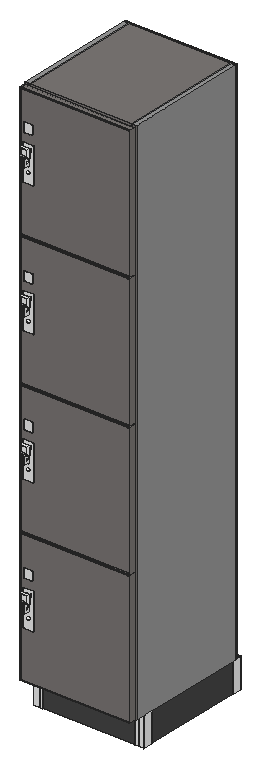
Revit family "Wood_Lockers_Hasps-Salsbury_Industries-15_44000_Series-1_Wide_Units.rfa", category Specialty Equipment, Revit 2016 (continued)
Definition of nested family "Wood Locker Side Panels-No Slope"
  Forms (in)
    Extrusion 2, solid, material <- "Laminate Surface", visible <- "Visible"
      sketch origin (0, -0.375, 0) x (1, 0, 0) y (0, 0, 1)
        loop
          line (-11.8125, 72) -> (-11.8125, 0) -> (11.8125, 0) -> (11.8125, 72) -> (-11.8125, 72)
      from -0.031 to 0
    Extrusion 3, solid, material <- "Laminate Surface", visible <- "Visible"
      sketch origin (0, 0, 0) x (1, 0, 0) y (0, 0, 1)
        loop
          line (-11.8125, 0) -> (11.8125, 0) -> (11.8125, 72) -> (-11.8125, 72) -> (-11.8125, 0)
        loop
          line (-11.7815, 0.031) -> (11.7815, 0.031) -> (11.7815, 71.969) -> (-11.7815, 71.969) -> (-11.7815, 0.031)
      from -0.375 to 0.344
  Dimensions and locks (in)
    equal spacing: plane 6 "Left Side", plane 3 "Center (Left/Right)", plane 7 "Right Side"
    plane 5 "Front" to plane 1 "Center (Front/Back)" to plane 4 "Back" = 0.375", 0.375"
    "Width": plane 6 "Left Side" to plane 7 "Right Side"
    "Depth": plane 5 "Front" to plane 4 "Back"
    equal spacing: plane 9 "Top", plane 10 "Center Elevation", plane 8 "Bottom"
    "Height": plane 9 "Top" to plane 8 "Bottom"
    locked: plane 5 "Front" to plane 11 "Wood - Laminate Edge" at 0.031
    locked: plane 15 "Bottom of Wood" to plane 8 "Bottom" at 0.031
    locked: plane 12 "Right Side of Wood" to plane 7 "Right Side" at 0.031
    locked: plane 6 "Left Side" to plane 13 "Left Side of Wood" at 0.031
    locked: plane 9 "Top" to plane 14 "Top of Wood" at 0.031
    aligned and locked: level to plane 2
    aligned and locked: Extrusion 2 sketch curve to plane 7 "Right Side"
    aligned and locked: plane 8 "Bottom" to Extrusion 2 sketch curve
    aligned and locked: plane 6 "Left Side" to Extrusion 2 sketch curve
    aligned and locked: plane 9 "Top" to Extrusion 2 sketch curve
    aligned and locked: Extrusion 3 to plane 4 "Back"
    aligned and locked: plane 11 "Wood - Laminate Edge" to Extrusion 3
  Automatic sketch dimensions
    plane 13 "Left Side of Wood" to Extrusion 1 sketch curve = 0.000"
    plane 12 "Right Side of Wood" to Extrusion 1 sketch curve = 0.000"
    Extrusion 1 sketch curve to plane 15 "Bottom of Wood" = 0.000"
    Extrusion 1 sketch curve to plane 14 "Top of Wood" = 0.000"
    plane 13 "Left Side of Wood" to Extrusion 3 sketch curve = 0.000"
    Extrusion 3 sketch curve to level = 0.000"
    plane 13 "Left Side of Wood" to Extrusion 3 sketch curve = 0.031"
    plane 12 "Right Side of Wood" to Extrusion 3 sketch curve = 0.000"
    plane 7 "Right Side" to Extrusion 3 sketch curve = 0.000"
    Extrusion 3 sketch curve to plane 15 "Bottom of Wood" = 0.000"
    Extrusion 3 sketch curve to plane 14 "Top of Wood" = 0.000"
    Extrusion 3 sketch curve to plane 9 "Top" = 0.000"
Definition of nested family "Wood Locker Side Panels-With Slope"
  Parameters (values of type "44238 - 6' H for 24" D Lockers")
    Width = 23.625"
    Visible = yes
    Version = "1.0 (12/15/23)"
    Type Comments = "Side Panel for Premier Wood Lockers with Sloping Hood"
    Slope Height = 8.608"
    Model = "44238"
    Manufacturer = "Salsbury Industries"
    Laminate Surface = none
    Height = 72.153"
    Door Trim = none
    Description = "6' H for 24\" D Lockers"
    Depth = 0.750"
  Types (6): name | Width | Visible | Version | Type Comments | Slope Height | Model | Manufacturer | Height | Description
    (no name) | 23.625" | yes | "1.0 (12/15/23)" | "Side Panel for Premier Wood Lockers with Sloping Hood" | 8.608" | "44238" | "Salsbury Industries" | 72.153" | "6' H for 24\" D Lockers"
    44334 - 6' H  for 18" D Lockers | 17.625" | yes | "1.0 (12/15/23)" | "Side Panel for Premier Wood Lockers with Sloping Hood" | 6.806" | "44334" | "Salsbury Industries" | 72.062" | "6' H for 18\" D Lockers"
    44336 - 6' H for 21" D Lockers | 20.625" | yes | "1.0 (12/15/23)" | "Side Panel for Premier Wood Lockers with Sloping Hood" | 7.931" | "44336" | "Salsbury Industries" | 72.062" | "6' H for 21\" D Lockers"
    None | 14.625" | no | "" | "" | 5.681" | "" | "" | 72.062" | ""
    44339 - 6' H for 15" D Lockers | 14.625" | yes | "1.0 (12/15/23)" | "Side Panel for Premier Wood Lockers with Sloping Hood" | 5.681" | "44339" | "Salsbury Industries" | 72.062" | "6' H for 15\" D Lockers"
    44238 - 6' H for 24" D Lockers | 23.625" | yes | "1.0 (12/15/23)" | "Side Panel for Premier Wood Lockers with Sloping Hood" | 8.608" | "44238" | "Salsbury Industries" | 72.153" | "6' H for 24\" D Lockers"
  Reference planes (in)
    plane 1 "Center (Front/Back)": y = 0
    plane 2: z = 0
    plane 3 "Center (Left/Right)": x = 0
    plane 4 "Back": y = 0.375
    plane 5 "Front": y = -0.375
    plane 6 "Left Side": x = -11.8125
    plane 7 "Right Side": x = 11.8125
    plane 8 "Bottom": z = 0
    plane 9 "Top": z = 72.153
    plane 10 "Center Elevation": z = 36.0765
    plane 11 "Wood - Laminate Edge": y = -0.344
    plane 12 "Right Side of Wood": x = 11.7815
    plane 13 "Left Side of Wood": x = -11.7815
    plane 14 "Top of Wood": z = 72.028
    plane 15 "Bottom of Wood": z = 0.031
    plane 16: z = 80.761
    plane 17: z = 80.636
  Forms (in)
    Extrusion 1, solid, visible <- "Visible"
      sketch origin (0, 0.375, 0) x (1, 0, 0) y (0, 0, 1)
        loop
          line (-11.8125, 80.73) -> (-11.8125, 0) -> (11.7815, 0) -> (11.7815, 72.13387) -> (-11.8125, 80.73)
      from 0 to 0.719
    Extrusion 2, solid, material <- "Laminate Surface", visible <- "Visible"
      sketch origin (0, -0.375, 0) x (1, 0, 0) y (0, 0, 1)
        loop
          line (-11.8125, 0) -> (11.8125, 0) -> (11.8125, 72.153) -> (-11.8125, 80.761) -> (-11.8125, 0)
      from -0.031 to 0
    Extrusion 3, solid, material <- "Laminate Surface", visible <- "Visible"
      sketch origin (0, -0.375, 0) x (1, 0, 0) y (0, 0, 1)
        loop
          line (11.8125, 0) -> (11.8125, 72.153) -> (-11.8125, 80.761) -> (-11.8125, 80.73) -> (11.7815, 72.13387) -> (11.7815, 0) -> (11.8125, 0)
      from -0.031 to -0.75
  Dimensions and locks (in)
    equal spacing: plane 6 "Left Side", plane 3 "Center (Left/Right)", plane 7 "Right Side"
    plane 5 "Front" to plane 1 "Center (Front/Back)" to plane 4 "Back" = 0.375", 0.375"
    "Width": plane 6 "Left Side" to plane 7 "Right Side"
    "Depth": plane 5 "Front" to plane 4 "Back"
    equal spacing: plane 9 "Top", plane 10 "Center Elevation", plane 8 "Bottom"
    "Height": plane 9 "Top" to plane 8 "Bottom"
    locked: plane 5 "Front" to plane 11 "Wood - Laminate Edge" at 0.031
    locked: plane 15 "Bottom of Wood" to plane 8 "Bottom" at 0.031
    locked: plane 12 "Right Side of Wood" to plane 7 "Right Side" at 0.031
    locked: plane 6 "Left Side" to plane 13 "Left Side of Wood" at 0.031
    locked: plane 9 "Top" to plane 14 "Top of Wood" at 0.125
    "Slope Height": plane 16 to plane 9 "Top"
    locked: plane 16 to plane 17 at 0.125
    aligned and locked: level to plane 2
    aligned and locked: Extrusion 3 to plane 4 "Back"
    aligned and locked: plane 11 "Wood - Laminate Edge" to Extrusion 3
  Automatic sketch dimensions
    plane 6 "Left Side" to Extrusion 2 sketch curve = 0.000"
    plane 7 "Right Side" to Extrusion 2 sketch curve = 0.000"
    Extrusion 2 sketch curve to level = 0.000"
    Extrusion 2 sketch curve to plane 9 "Top" = 0.000"
    Extrusion 2 sketch curve to plane 16 = 0.000"
    Extrusion 1 sketch curve to level = 0.000"
    plane 6 "Left Side" to Extrusion 1 sketch curve = 0.000"
    plane 12 "Right Side of Wood" to Extrusion 1 sketch curve = 0.000"
    plane 9 "Top" to Extrusion 1 sketch curve = 0.01913"
    plane 6 "Left Side" to Extrusion 3 sketch curve = 0.000"
    plane 12 "Right Side of Wood" to Extrusion 3 sketch curve = 0.000"
    plane 7 "Right Side" to Extrusion 3 sketch curve = 0.000"
    Extrusion 3 sketch curve to level = 0.000"
    Extrusion 3 sketch curve to plane 9 "Top" = 0.000"
    Extrusion 3 sketch curve to plane 16 = 0.000"
    plane 9 "Top" to Extrusion 3 sketch curve = 0.01913"
    plane 16 to Extrusion 3 sketch curve = 0.031"
    plane 16 to Extrusion 1 sketch curve = 0.031"
Definition of nested family "Wood Locker Double Side Panels-No Slope"
  Parameters (values of type "44237DE - 6' H for 24"D Lockers")
    Width = 47.250"
    Visible = yes
    Version = "1.0 (12/15/23)"
    Type Comments = "Double End Panel for Premier Wood Lockers"
    Model = "44237DE"
    Manufacturer = "Salsbury Industries"
    Laminate Surface = none
    Height = 72.000"
    Door Trim = none
    Description = "For 6' H x 21\" D without Sloping Hood"
    Depth = 0.750"
  Types (6): name | Width | Visible | Version | Type Comments | Model | Manufacturer | Description
    (no name) | 47.250" | yes | "1.0 (12/15/23)" | "Double End Panel for Premier Wood Lockers" | "44237DE" | "Salsbury Industries" | "For 6' H x 21\" D without Sloping Hood"
    44330DE - 6' H for 15"D Lockers | 29.250" | yes | "1.0 (12/15/23)" | "Double End Panel for Premier Wood Lockers" | "44330DE" | "Salsbury Industries" | "For 6' H x 15\" D without Sloping Hood"
    44333DE - 6' H for 18" D Lockers | 35.250" | yes | "1.0 (12/15/23)" | "Double End Panel for Premier Wood Lockers" | "44333DE" | "Salsbury Industries" | "For 6' H x 18\" D without Sloping Hood"
    44335DE - 6' H for 21" D Lockers | 41.250" | yes | "1.0 (12/15/23)" | "Double End Panel for Premier Wood Lockers" | "44335DE" | "Salsbury Industries" | "For 6' H x 21\" D without Sloping Hood"
    None | 14.000" | no | "" | "" | "" | "" | ""
    44237DE - 6' H for 24"D Lockers | 47.250" | yes | "1.0 (12/15/23)" | "Double End Panel for Premier Wood Lockers" | "44237DE" | "Salsbury Industries" | "For 6' H x 21\" D without Sloping Hood"
  Reference planes (in)
    plane 1 "Center (Front/Back)": y = 0
    plane 2: z = 0
    plane 3 "Center (Left/Right)": x = 0
    plane 4 "Back": y = 0.375
    plane 5 "Front": y = -0.375
    plane 6 "Left Side": x = -23.625
    plane 7 "Right Side": x = 23.625
    plane 8 "Bottom": z = 0
    plane 9 "Top": z = 72
    plane 10 "Center Elevation": z = 36
    plane 11 "Wood - Laminate Edge": y = -0.344
    plane 12 "Right Side of Wood": x = 23.594
    plane 13 "Left Side of Wood": x = -23.594
    plane 14 "Top of Wood": z = 71.969
    plane 15 "Bottom of Wood": z = 0.031
  Forms (in)
    Extrusion 1, solid, visible <- "Visible"
      sketch origin (0, 0.375, 0) x (1, 0, 0) y (0, 0, 1)
        loop
          line (23.594, 71.969) -> (-23.594, 71.969) -> (-23.594, 0.031) -> (23.594, 0.031) -> (23.594, 71.969)
      from 0 to 0.719
    Extrusion 2, solid, material <- "Laminate Surface", visible <- "Visible"
      sketch origin (0, -0.375, 0) x (1, 0, 0) y (0, 0, 1)
        loop
          line (-23.625, 72) -> (-23.625, 0) -> (23.625, 0) -> (23.625, 72) -> (-23.625, 72)
      from -0.031 to 0
    Extrusion 3, solid, material <- "Laminate Surface", visible <- "Visible"
      sketch origin (0, 0, 0) x (1, 0, 0) y (0, 0, 1)
        loop
          line (-23.625, 0) -> (23.625, 0) -> (23.625, 72) -> (-23.625, 72) -> (-23.625, 0)
        loop
          line (23.594, 71.969) -> (-23.594, 71.969) -> (-23.594, 0.031) -> (23.594, 0.031) -> (23.594, 71.969)
      from -0.375 to 0.344
  Dimensions and locks (in)
    equal spacing: plane 6 "Left Side", plane 3 "Center (Left/Right)", plane 7 "Right Side"
    plane 5 "Front" to plane 1 "Center (Front/Back)" to plane 4 "Back" = 0.375", 0.375"
    "Width": plane 6 "Left Side" to plane 7 "Right Side"
    "Depth": plane 5 "Front" to plane 4 "Back"
    equal spacing: plane 9 "Top", plane 10 "Center Elevation", plane 8 "Bottom"
    "Height": plane 9 "Top" to plane 8 "Bottom"
    locked: plane 5 "Front" to plane 11 "Wood - Laminate Edge" at 0.031
    locked: plane 15 "Bottom of Wood" to plane 8 "Bottom" at 0.031
    plane 12 "Right Side of Wood" to plane 7 "Right Side" = 0.031"
    locked: plane 6 "Left Side" to plane 13 "Left Side of Wood" at 0.031
    locked: plane 9 "Top" to plane 14 "Top of Wood" at 0.031
    aligned and locked: level to plane 2
    aligned and locked: Extrusion 2 sketch curve to plane 8 "Bottom"
    aligned and locked: plane 6 "Left Side" to Extrusion 2 sketch curve
    aligned and locked: Extrusion 2 sketch curve to plane 7 "Right Side"
    aligned and locked: Extrusion 2 sketch curve to plane 9 "Top"
    aligned and locked: Extrusion 3 to plane 4 "Back"
    aligned and locked: plane 11 "Wood - Laminate Edge" to Extrusion 3
  Automatic sketch dimensions
    plane 13 "Left Side of Wood" to Extrusion 1 sketch curve = 0.000"
    plane 12 "Right Side of Wood" to Extrusion 1 sketch curve = 0.000"
    Extrusion 1 sketch curve to plane 15 "Bottom of Wood" = 0.000"
    Extrusion 1 sketch curve to plane 14 "Top of Wood" = 0.000"
    Extrusion 3 sketch curve to level = 0.000"
    plane 6 "Left Side" to Extrusion 3 sketch curve = 0.000"
    plane 7 "Right Side" to Extrusion 3 sketch curve = 0.000"
    Extrusion 3 sketch curve to plane 9 "Top" = 0.000"
    plane 13 "Left Side of Wood" to Extrusion 3 sketch curve = 0.000"
    Extrusion 3 sketch curve to plane 15 "Bottom of Wood" = 0.000"
    Extrusion 3 sketch curve to plane 14 "Top of Wood" = 0.000"
    plane 12 "Right Side of Wood" to Extrusion 3 sketch curve = 0.000"
Definition of nested family "Wood Locker Double Side Panels-With Slope"
  Parameters (values of type "44238DE - 6' H for 24"D Lockers")
    Width = 47.250"
    Visible = yes
    Version = "1.0 (12/15/23)"
    Type Comments = "Double End Panel for Premier Wood Lockers"
    Slope Height = 8.895"
    Model = "442386DE"
    Manufacturer = "Salsbury Industries"
    Laminate Surface = none
    Height = 72.153"
    Door Trim = none
    Description = "For 6' H x 21\" D Lockers with Sloping Hood"
    Depth = 0.750"
  Types (6): name | Width | Visible | Version | Type Comments | Slope Height | Model | Manufacturer | Height | Description
    (no name) | 47.250" | yes | "1.0 (12/15/23)" | "Double End Panel for Premier Wood Lockers" | 8.895" | "442386DE" | "Salsbury Industries" | 72.153" | "For 6' H x 21\" D Lockers with Sloping Hood"
    44339DE - 6' H for 15"D Lockers | 29.250" | yes | "1.0 (12/15/23)" | "Double End Panel for Premier Wood Lockers" | 5.681" | "44339DE" | "Salsbury Industries" | 72.062" | "For 6' H x 15\" D Lockers with Sloping Hood"
    44334DE - 6' H  for 18" D Lockers | 35.250" | yes | "1.0 (12/15/23)" | "Double End Panel for Premier Wood Lockers" | 6.806" | "44334DE" | "Salsbury Industries" | 72.062" | "For 6' H x 18\" D Lockers with Sloping Hood"
    44336DE - 6' H for 21" D Lockers | 41.250" | yes | "1.0 (12/15/23)" | "Double End Panel for Premier Wood Lockers" | 7.931" | "44336DE" | "Salsbury Industries" | 72.062" | "For 6' H x 21\" D Lockers with Sloping Hood"
    None | 14.000" | no | "" | "" | 5.500" | "" | "" | 72.000" | ""
    44238DE - 6' H for 24"D Lockers | 47.250" | yes | "1.0 (12/15/23)" | "Double End Panel for Premier Wood Lockers" | 8.895" | "442386DE" | "Salsbury Industries" | 72.153" | "For 6' H x 21\" D Lockers with Sloping Hood"
  Reference planes (in)
    plane 1 "Center (Front/Back)": y = 0
    plane 2: z = 0
    plane 3 "Center (Left/Right)": x = 0
    plane 4 "Back": y = 0.375
    plane 5 "Front": y = -0.375
    plane 6 "Left Side": x = -23.625
    plane 7 "Right Side": x = 23.625
    plane 8 "Bottom": z = 0
    plane 9 "Top": z = 72.153
    plane 10 "Center Elevation": z = 36.0765
    plane 11 "Wood - Laminate Edge": y = -0.344
    plane 12 "Right Side of Wood": x = 23.594
    plane 13 "Left Side of Wood": x = -23.594
    plane 14 "Top of Wood": z = 72.028
    plane 15 "Bottom of Wood": z = 0.125
    plane 16: z = 81.048
    plane 17: z = 81.017
  Forms (in)
    Extrusion 1, solid, visible <- "Visible"
      sketch origin (0, 0.375, 0) x (1, 0, 0) y (0, 0, 1)
        loop
          line (23.594, 72.122) -> (0, 81.017) -> (-23.594, 72.122) -> (-23.594, 0) -> (23.594, 0) -> (23.594, 72.122)
      from 0 to 0.719
    Extrusion 2, solid, material <- "Laminate Surface", visible <- "Visible"
      sketch origin (0, -0.375, 0) x (1, 0, 0) y (0, 0, 1)
        loop
          line (23.625, 0) -> (23.625, 72.153) -> (0, 81.048) -> (-23.625, 72.153) -> (-23.625, 0) -> (23.625, 0)
      from -0.031 to 0
    Extrusion 3, solid, material <- "Laminate Surface", visible <- "Visible"
      sketch origin (0, 0.375, 0) x (1, 0, 0) y (0, 0, 1)
        loop
          line (23.625, 0) -> (23.625, 72.153) -> (0, 81.048) -> (-23.625, 72.153) -> (-23.625, 0) -> (-23.594, 0) -> (-23.594, 72.122) -> (0, 81.017) -> (23.594, 72.122) -> (23.594, 0) -> (23.625, 0)
      from 0 to 0.719
  Dimensions and locks (in)
    equal spacing: plane 6 "Left Side", plane 3 "Center (Left/Right)", plane 7 "Right Side"
    plane 5 "Front" to plane 1 "Center (Front/Back)" to plane 4 "Back" = 0.375", 0.375"
    "Width": plane 6 "Left Side" to plane 7 "Right Side"
    "Depth": plane 5 "Front" to plane 4 "Back"
    equal spacing: plane 9 "Top", plane 10 "Center Elevation", plane 8 "Bottom"
    "Height": plane 9 "Top" to plane 8 "Bottom"
    locked: plane 5 "Front" to plane 11 "Wood - Laminate Edge" at 0.031
    locked: plane 15 "Bottom of Wood" to plane 8 "Bottom" at 0.125
    locked: plane 12 "Right Side of Wood" to plane 7 "Right Side" at 0.031
    locked: plane 6 "Left Side" to plane 13 "Left Side of Wood" at 0.031
    locked: plane 9 "Top" to plane 14 "Top of Wood" at 0.125
    "Slope Height": plane 16 to plane 9 "Top"
    locked: plane 16 to plane 17 at 0.031
    aligned and locked: level to plane 2
    aligned and locked: Extrusion 3 to plane 4 "Back"
    aligned and locked: plane 11 "Wood - Laminate Edge" to Extrusion 3
  Automatic sketch dimensions
    plane 6 "Left Side" to Extrusion 2 sketch curve = 0.000"
    Extrusion 2 sketch curve to plane 3 "Center (Left/Right)" = 0.000"
    plane 7 "Right Side" to Extrusion 2 sketch curve = 0.000"
    Extrusion 2 sketch curve to level = 0.000"
    Extrusion 2 sketch curve to plane 9 "Top" = 0.000"  (x2)
    Extrusion 2 sketch curve to plane 16 = 0.000"
    Extrusion 1 sketch curve to level = 0.000"
    plane 13 "Left Side of Wood" to Extrusion 1 sketch curve = 0.000"
    Extrusion 1 sketch curve to plane 3 "Center (Left/Right)" = 0.000"
    plane 12 "Right Side of Wood" to Extrusion 1 sketch curve = 0.000"
    Extrusion 1 sketch curve to plane 17 = 0.000"
    plane 9 "Top" to Extrusion 1 sketch curve = 0.031"  (x2)
    Extrusion 3 sketch curve to level = 0.000"  (x2)
    plane 6 "Left Side" to Extrusion 3 sketch curve = 0.000"
    plane 13 "Left Side of Wood" to Extrusion 3 sketch curve = 0.000"
    Extrusion 3 sketch curve to plane 3 "Center (Left/Right)" = 0.000"  (x2)
    plane 12 "Right Side of Wood" to Extrusion 3 sketch curve = 0.000"
    plane 7 "Right Side" to Extrusion 3 sketch curve = 0.000"
    Extrusion 3 sketch curve to plane 9 "Top" = 0.000"  (x2)
    plane 9 "Top" to Extrusion 3 sketch curve = 0.031"  (x2)
    Extrusion 3 sketch curve to plane 17 = 0.000"
    Extrusion 3 sketch curve to plane 16 = 0.000"
Definition of nested family "Wood Locker Front Fillers"
  Parameters (values of type "44469 - 9" W for 6' H Lockers without Base")
    Width = 9.000"
    Visible Base = no
    Visible = yes
    Version = "1.0 (1/31/24)"
    Type Comments = "Front Vertical Filler for Premier Wood Lockers"
    Model = "44469"
    Manufacturer = "Salsbury Industries"
    Laminate Surface = none
    Height = 72.000"
    Description = "For 6' H Lockers"
    Depth = 0.750"
    Base Height = 0.000"
  Types (6): name | Width | Visible Base | Visible | Version | Type Comments | Model | Manufacturer | Description | Base Height
    (no name) | 9.000" | no | yes | "1.0 (1/31/24)" | "Front Vertical Filler for Premier Wood Lockers" | "44469" | "Salsbury Industries" | "For 6' H Lockers" | 0.000"
    44467 - 15"W for 6' H Lockers with Base | 15.000" | yes | yes | "1.0 (01/31/24)" | "Front Vertical Filler for Premier Wood Lockers" | "444367" | "Salsbury Industries" | "For 6' H Lockers" | 4.000"
    None | 15.000" | no | no | "" | "" | "" | "" | "" | 4.000"
    44469 - 9" W for 6' H Lockers with Base | 9.000" | yes | yes | "1.0 (01/31/24)" | "Front Vertical Filler for Premier Wood Lockers" | "44469" | "Salsbury Industries" | "For 6' H Lockers" | 4.000"
    44467 - 15" W for 6'H Lockers without Base | 15.000" | no | yes | "1.0 (01/31/24)" | "Front Vertical Filler for Premier Wood Lockers" | "44467" | "Salsbury Industries" | "For 6' H Lockers" | 0.000"
    44469 - 9" W for 6' H Lockers without Base | 9.000" | no | yes | "1.0 (1/31/24)" | "Front Vertical Filler for Premier Wood Lockers" | "44469" | "Salsbury Industries" | "For 6' H Lockers" | 0.000"
  Reference planes (in)
    plane 1 "Center (Front/Back)": y = 0
    plane 2: z = 0
    plane 3 "Center (Left/Right)": x = 0
    plane 4 "Back": y = 0.375
    plane 5 "Front": y = -0.375
    plane 6 "Left Side": x = -4.5
    plane 7 "Right Side": x = 4.5
    plane 8 "Bottom": z = 0
    plane 9 "Top": z = 72
    plane 10 "Center Elevation": z = 36
    plane 11 "Wood - Laminate Edge": y = -0.344
    plane 12 "Right Side of Wood": x = 4.375
    plane 13 "Left Side of Wood": x = -4.375
    plane 14 "Top of Wood": z = 71.875
    plane 15 "Bottom of Wood": z = 0.125
    plane 16 "Front of Base Filler": y = 1
  Forms (in)
    Extrusion 1, solid, visible <- "Visible"
      sketch origin (0, 0.375, 0) x (1, 0, 0) y (0, 0, 1)
        loop
          line (4.5, 72) -> (-4.5, 72) -> (-4.5, 0) -> (4.5, 0) -> (4.5, 72)
      from 0 to 0.719
    Extrusion 2, solid, material <- "Laminate Surface", visible <- "Visible"
      sketch origin (0, -0.375, 0) x (1, 0, 0) y (0, 0, 1)
        loop
          line (-4.5, 72) -> (-4.5, 0) -> (4.5, 0) -> (4.5, 72) -> (-4.5, 72)
      from -0.031 to 0
    Extrusion 3, solid, visible <- "Visible Base"
      sketch origin (0, 0, 0) x (1, 0, 0) y (0, 1, 0)
        loop
          line (-4.5, 1.75) -> (-4.5, 0.375) -> (4.5, 0.375) -> (4.5, 1.75) -> (-4.5, 1.75)
      from 0 to 0.75
    Extrusion 4, solid, visible <- "Visible Base"
      sketch origin (0, 0, 0) x (1, 0, 0) y (0, 1, 0)
        loop
          line (-4.5, 1.75) -> (-4.5, 1) -> (4.5, 1) -> (4.5, 1.75) -> (-4.5, 1.75)
      from 0 to -4
  Dimensions and locks (in)
    equal spacing: plane 6 "Left Side", plane 3 "Center (Left/Right)", plane 7 "Right Side"
    plane 5 "Front" to plane 1 "Center (Front/Back)" to plane 4 "Back" = 0.375", 0.375"
    "Width": plane 6 "Left Side" to plane 7 "Right Side"
    "Depth": plane 5 "Front" to plane 4 "Back"
    equal spacing: plane 9 "Top", plane 10 "Center Elevation", plane 8 "Bottom"
    locked: plane 5 "Front" to plane 11 "Wood - Laminate Edge" at 0.031
    locked: plane 15 "Bottom of Wood" to plane 8 "Bottom" at 0.125
    locked: plane 12 "Right Side of Wood" to plane 7 "Right Side" at 0.125
    locked: plane 6 "Left Side" to plane 13 "Left Side of Wood" at 0.125
    locked: plane 9 "Top" to plane 14 "Top of Wood" at 0.125
    locked: plane 5 "Front" to plane 16 "Front of Base Filler" at 1.375
    "Base Height": plane 8 "Bottom" to plane 2
    "Height": plane 9 "Top" to plane 8 "Bottom"
    aligned and locked: level to plane 2
    aligned and locked: plane 8 "Bottom" to Extrusion 1
  Automatic sketch dimensions
    plane 6 "Left Side" to Extrusion 1 sketch curve = 0.000"
    plane 7 "Right Side" to Extrusion 1 sketch curve = 0.000"
    level to Extrusion 1 sketch curve = 0.000"
    Extrusion 1 sketch curve to plane 9 "Top" = 0.000"
    plane 6 "Left Side" to Extrusion 2 sketch curve = 0.000"
    plane 7 "Right Side" to Extrusion 2 sketch curve = 0.000"
    plane 15 "Bottom of Wood" to Extrusion 2 sketch curve = 0.125"
    Extrusion 2 sketch curve to plane 9 "Top" = 0.000"
    plane 4 "Back" to Extrusion 3 sketch curve = 0.000"
    Extrusion 3 sketch curve to plane 6 "Left Side" = 0.000"
    Extrusion 3 sketch curve to plane 7 "Right Side" = 0.000"
    Extrusion 3 sketch curve to plane 16 "Front of Base Filler" = 0.750"
    Extrusion 4 sketch curve to plane 6 "Left Side" = 0.000"
    Extrusion 4 sketch curve to plane 7 "Right Side" = 0.000"
    plane 16 "Front of Base Filler" to Extrusion 4 sketch curve = 0.000"
    Extrusion 4 sketch curve to plane 16 "Front of Base Filler" = 0.750"
Definition of nested family "Wood Locker Front Corner Filler"
  Parameters (values of type "44464 - for 6' H Lockers with Base")
    Width = 2.250"
    Visible Base = yes
    Visible = yes
    Version = "1.0 (12/15/23)"
    Type Comments = "Front Vertical Corner Filler for Designer Wood Lockers"
    Primary Structure Materials = none
    Model = "44464"
    Manufacturer = "Salsbury Industries"
    Laminate Surface = none
    Height = 72.000"
    Description = "For 6' H Lockers"
    Depth = 0.750"
    Base Primary Materials = none
    Base Height = 4.000"
  Types (3): name | Visible Base | Visible | Version | Type Comments | Model | Manufacturer | Description | Base Height
    None | no | no | "" | "" | "" | "" | "" | 4.000"
    44464 - for 6'H Lockers without Base | no | yes | "1.0 (12/15/23)" | "Front Vertical Corner Filler for Designer Wood Lockers" | "44464" | "Salsbury Industries" | "For 6' H Lockers" | 0.000"
    44464 - for 6' H Lockers with Base | yes | yes | "1.0 (12/15/23)" | "Front Vertical Corner Filler for Designer Wood Lockers" | "44464" | "Salsbury Industries" | "For 6' H Lockers" | 4.000"
  Reference planes (in)
    plane 1 "Center (Front/Back)": y = 0
    plane 2 "Bottom of Base": z = 0
    plane 3 "Center (Left/Right)": x = 0
    plane 4 "Back": y = 0.375
    plane 5 "Front": y = -0.375
    plane 6 "Left Side": x = -1.125
    plane 7 "Right Side": x = 1.125
    plane 8 "Bottom": z = 4
    plane 9 "Top": z = 76
    plane 10 "Center Elevation": z = 40
    plane 11 "Wood - Laminate Edge": y = -0.344
    plane 12 "Right Side of Wood": x = 1
    plane 13 "Left Side of Wood": x = -1
    plane 14 "Top of Wood": z = 75.875
    plane 15 "Bottom of Wood": z = 4.125
    plane 16 "Front of Base Filler": y = 1
  Forms (in)
    Extrusion 1, solid, material <- "Primary Structure Materials", visible <- "Visible"
      sketch origin (0, 0.375, 0) x (1, 0, 0) y (0, 0, 1)
        loop
          line (1.125, 76) -> (-1.156, 76) -> (-1.156, 4) -> (1.125, 4) -> (1.125, 76)
      from 0 to 0.719
    Extrusion 2, solid, material <- "Laminate Surface", visible <- "Visible"
      sketch origin (0, -0.375, 0) x (1, 0, 0) y (0, 0, 1)
        loop
          line (-1.125, 76) -> (-1.125, 4) -> (1.125, 4) -> (1.125, 76) -> (-1.125, 76)
      from -0.031 to 0
    Extrusion 3, solid, material <- "Primary Structure Materials", visible <- "Visible"
      sketch origin (-1.875, -1.5, 0) x (0, 1, 0) y (0, 0, 1)
        loop
          line (1.875, 76) -> (-1.125, 76) -> (-1.125, 4) -> (1.875, 4) -> (1.875, 76)
      from 0 to 0.719
    Extrusion 4, solid, material <- "Laminate Surface", visible <- "Visible"
      sketch origin (-1.125, -1.5, 0) x (0, 1, 0) y (0, 0, 1)
        loop
          line (-1.125, 76) -> (-1.125, 4) -> (1.156, 4) -> (1.156, 76) -> (-1.125, 76)
      from -0.031 to 0
    Extrusion 5, solid, material <- "Base Primary Materials", visible <- "Visible Base"
      sketch origin (0, 0, 0) x (1, 0, 0) y (0, 1, 0)
        loop
          line (-3.25, 1.75) -> (-3.25, -2.625) -> (-1.875, -2.625) -> (-1.875, 1.75) -> (-3.25, 1.75)
      from 4 to 4.75
    Extrusion 6, solid, material <- "Base Primary Materials", visible <- "Visible Base"
      sketch origin (0, 0, 0) x (1, 0, 0) y (0, 1, 0)
        loop
          line (-1.875, 1.75) -> (-1.875, 0.375) -> (1.125, 0.375) -> (1.125, 1.75) -> (-1.875, 1.75)
      from 4 to 4.75
    Extrusion 7, solid, material <- "Base Primary Materials", visible <- "Visible Base"
      sketch origin (0, 0, 0) x (1, 0, 0) y (0, 1, 0)
        loop
          line (1.125, 1.75) -> (-2.43407, 1.75) -> (-2.43407, 1) -> (1.125, 1) -> (1.125, 1.75)
      from 0 to 4
    Extrusion 8, solid, material <- "Base Primary Materials", visible <- "Visible Base"
      sketch origin (0, 0, 0) x (1, 0, 0) y (0, 1, 0)
        loop
          line (-3.25, 1.75) -> (-3.25, -2.625) -> (-2.43407, -2.625) -> (-2.43407, 1.75) -> (-3.25, 1.75)
      from 0 to 4
  Dimensions and locks (in)
    equal spacing: plane 6 "Left Side", plane 3 "Center (Left/Right)", plane 7 "Right Side"
    plane 5 "Front" to plane 1 "Center (Front/Back)" to plane 4 "Back" = 0.375", 0.375"
    "Width": plane 6 "Left Side" to plane 7 "Right Side"
    "Depth": plane 5 "Front" to plane 4 "Back"
    equal spacing: plane 9 "Top", plane 10 "Center Elevation", plane 8 "Bottom"
    "Height": plane 9 "Top" to plane 8 "Bottom"
    locked: plane 5 "Front" to plane 11 "Wood - Laminate Edge" at 0.031
    locked: plane 15 "Bottom of Wood" to plane 8 "Bottom" at 0.125
    locked: plane 12 "Right Side of Wood" to plane 7 "Right Side" at 0.125
    locked: plane 6 "Left Side" to plane 13 "Left Side of Wood" at 0.125
    locked: plane 9 "Top" to plane 14 "Top of Wood" at 0.125
    locked: plane 5 "Front" to plane 16 "Front of Base Filler" at 1.375
    "Base Height": plane 8 "Bottom" to plane 2 "Bottom of Base"
    aligned and locked: level to plane 2 "Bottom of Base"
    aligned and locked: plane 8 "Bottom" to Extrusion 1
    aligned and locked: Extrusion 7 to Extrusion 5
    aligned and locked: Extrusion 8 to Extrusion 5
    aligned and locked: Extrusion 7 to Extrusion 8
  Automatic sketch dimensions
    Extrusion 1 sketch curve to plane 9 "Top" = 0.000"
    Extrusion 1 sketch curve to plane 8 "Bottom" = 0.000"
    plane 7 "Right Side" to Extrusion 1 sketch curve = 0.000"
    plane 6 "Left Side" to Extrusion 1 sketch curve = 0.031"
    plane 6 "Left Side" to Extrusion 2 sketch curve = 0.000"
    plane 7 "Right Side" to Extrusion 2 sketch curve = 0.000"
    Extrusion 2 sketch curve to plane 8 "Bottom" = 0.000"
    Extrusion 2 sketch curve to plane 9 "Top" = 0.000"
    plane 9 "Top" to Extrusion 3 sketch curve = 0.000"
    plane 8 "Bottom" to Extrusion 3 sketch curve = 0.000"
    Extrusion 3 sketch curve to plane 4 "Back" = 0.000"
    plane 5 "Front" to Extrusion 3 sketch curve = 2.250"
    plane 8 "Bottom" to Extrusion 4 sketch curve = 0.000"
    plane 9 "Top" to Extrusion 4 sketch curve = 0.000"
    Extrusion 4 sketch curve to plane 11 "Wood - Laminate Edge" = 0.000"
    plane 5 "Front" to Extrusion 4 sketch curve = 2.250"
    plane 6 "Left Side" to Extrusion 5 sketch curve = 2.125"
    plane 6 "Left Side" to Extrusion 5 sketch curve = 0.750"
    plane 5 "Front" to Extrusion 5 sketch curve = 2.250"
    Extrusion 5 sketch curve to plane 16 "Front of Base Filler" = 0.750"
    plane 16 "Front of Base Filler" to Extrusion 7 sketch curve = 0.000"
    Extrusion 7 sketch curve to plane 7 "Right Side" = 0.000"
    plane 6 "Left Side" to Extrusion 7 sketch curve = 1.30907"
    Extrusion 7 sketch curve to plane 16 "Front of Base Filler" = 0.750"
    plane 6 "Left Side" to Extrusion 8 sketch curve = 2.125"
    Extrusion 8 sketch curve to Extrusion 8 sketch curve = 0.81593"
    plane 5 "Front" to Extrusion 8 sketch curve = 2.250"
    Extrusion 8 sketch curve to plane 16 "Front of Base Filler" = 0.750"
    plane 4 "Back" to Extrusion 6 sketch curve = 0.000"
    Extrusion 6 sketch curve to plane 7 "Right Side" = 0.000"
    plane 6 "Left Side" to Extrusion 6 sketch curve = 0.750"
    Extrusion 6 sketch curve to plane 16 "Front of Base Filler" = 0.750"
Definition of nested family "Wood Locker Sloping In-Line Fillers"
  Parameters (values of type "44489 - 15" W for 24" D Lockers")
    Width = 15.000"
    Visible = yes
    Version = "1.0 (12/15/23)"
    Type Comments = "Sloping Hood In-Line Filler for Premier Wood Lockers"
    Model = "44489"
    Manufacturer = "Salsbury Industries"
    Laminate Surface = none
    Height = 9.118"
    Description = "For 24\" D Lockers"
    Depth = 23.625"
  Types (10): name | Width | Visible | Version | Type Comments | Model | Manufacturer | Height | Description | Depth
    (no name) | 15.000" | yes | "1.0 (12/15/23)" | "Sloping Hood In-Line Filler for Premier Wood Lockers" | "44489" | "Salsbury Industries" | 9.118" | "For 24\" D Lockers" | 23.625"
    44487 - 15" W for 15" D Lockers | 15.000" | yes | "1.0 (12/15/23)" | "Sloping Hood In-Line Filler for Premier Wood Lockers" | "44487" | "Salsbury Industries" | 5.743" | "For 15\" D Lockers" | 14.625"
    44488 - 15" W for 18" D Lockers | 15.000" | yes | "1.0 (12/15/23)" | "Sloping Hood In-Line Filler for Premier Wood Lockers" | "44488" | "Salsbury Industries" | 6.868" | "For 18\" D Lockers" | 17.625"
    44481 - 15" W for 21" D Lockers | 15.000" | yes | "1.0 (12/15/23)" | "Sloping Hood In-Line Filler for Premier Wood Lockers" | "44481" | "Salsbury Industries" | 7.993" | "For 21\" D Lockers" | 20.625"
    None | 12.000" | no | "" | "" | "" | "" | 5.500" | "" | 14.000"
    44489 - 15" W for 24" D Lockers | 15.000" | yes | "1.0 (12/15/23)" | "Sloping Hood In-Line Filler for Premier Wood Lockers" | "44489" | "Salsbury Industries" | 9.118" | "For 24\" D Lockers" | 23.625"
    44488 - 9" W for 18" D Lockers | 9.000" | yes | "1.0 (12/15/23)" | "Sloping Hood In-Line Filler for Premier Wood Lockers" | "44488" | "Salsbury Industries" | 6.868" | "For 18\" D Lockers" | 17.625"
    44487 - 9" W for 15" D Lockers | 9.000" | yes | "1.0 (12/15/23)" | "Sloping Hood In-Line Filler for Premier Wood Lockers" | "44487" | "Salsbury Industries" | 5.743" | "For 15\" D Lockers" | 14.625"
    44481 - 9" W for 21" D Lockers | 9.000" | yes | "1.0 (12/15/23)" | "Sloping Hood In-Line Filler for Premier Wood Lockers" | "44481" | "Salsbury Industries" | 7.993" | "For 21\" D Lockers" | 20.625"
    44489 - 9" W for 24" D Lockers | 9.000" | yes | "1.0 (12/15/23)" | "Sloping Hood In-Line Filler for Premier Wood Lockers" | "44489" | "Salsbury Industries" | 9.118" | "For 24\" D Lockers" | 23.625"
  Reference planes (in)
    plane 1 "Center (Front/Back)": y = 0
    plane 2: z = 0
    plane 3 "Center (Left/Right)": x = 0
    plane 4 "Front of Hood": y = -11.8125
    plane 5 "Back of Hood": y = 11.8125
    plane 6 "Right Side of Hood": x = 7.5
    plane 7 "Left Side of Hood": x = -7.5
    plane 8 "Bottom of Hood": z = 0
    plane 9 "Top of Hood": z = 9.118
    plane 10: x = 6.75
    plane 11: x = -6.75
    plane 12: y = -11.7815
    plane 13: y = -11.0625
    plane 14: z = 9.087
    plane 15: z = 8.368
    plane 16: z = 0.062
    plane 17: z = 0.75
  Forms (in)
    Extrusion 1, solid, visible <- "Visible"
      sketch origin (0, 0, 0) x (0, 1, 0) y (0, 0, 1)
        loop
          line (-9.97273, 0) -> (11.8125, 8.368) -> (11.8125, 9.087) -> (-11.73269, 0.062) -> (-11.7815, 0.062) -> (-11.7815, 0) -> (-9.97273, 0)
      from -7.5 to 7.5
    Extrusion 2, solid, material <- "Laminate Surface", visible <- "Visible"
      sketch origin (0, 0, 0) x (0, 1, 0) y (0, 0, 1)
        loop
          line (-11.8125, 0.062) -> (-11.8125, 0) -> (-11.7815, 0) -> (-11.7815, 0.062) -> (-11.8125, 0.062)
      from -7.5 to 7.5
    Extrusion 3, solid, material <- "Laminate Surface", visible <- "Visible"
      sketch origin (0, 0, 0) x (0, 1, 0) y (0, 0, 1)
        loop
          line (11.8125, 9.118) -> (-11.8125, 0.062) -> (-11.73269, 0.062) -> (11.8125, 9.087) -> (11.8125, 9.118)
      from -7.5 to 7.5
  Dimensions and locks (in)
    equal spacing: plane 7 "Left Side of Hood", plane 3 "Center (Left/Right)", plane 6 "Right Side of Hood"
    "Width": plane 7 "Left Side of Hood" to plane 6 "Right Side of Hood"
    equal spacing: plane 4 "Front of Hood", plane 1 "Center (Front/Back)", plane 5 "Back of Hood"
    "Depth": plane 4 "Front of Hood" to plane 5 "Back of Hood"
    "Height": plane 9 "Top of Hood" to plane 8 "Bottom of Hood"
    plane 7 "Left Side of Hood" to plane 11 = 0.750"
    plane 10 to plane 6 "Right Side of Hood" = 0.750"
    plane 4 "Front of Hood" to plane 12 to plane 13 = 0.031" locked, 0.719" locked
    plane 15 to plane 14 to plane 9 "Top of Hood" = 0.719" locked, 0.031" locked
    locked: plane 16 to plane 8 "Bottom of Hood" at 0.062
    locked: plane 17 to plane 8 "Bottom of Hood" at 0.75
    aligned and locked: level to plane 2
    aligned and locked: Extrusion 1 to plane 6 "Right Side of Hood"
    aligned and locked: plane 7 "Left Side of Hood" to Extrusion 1
    aligned and locked: plane 7 "Left Side of Hood" to Extrusion 3
    aligned and locked: Extrusion 3 to plane 6 "Right Side of Hood"
    aligned and locked: Extrusion 2 to plane 6 "Right Side of Hood"
    aligned and locked: plane 7 "Left Side of Hood" to Extrusion 2
  Automatic sketch dimensions
    Extrusion 2 sketch curve to level = 0.000"
    Extrusion 2 sketch curve to plane 4 "Front of Hood" = 0.000"
    Extrusion 2 sketch curve to plane 12 = 0.000"
    plane 16 to Extrusion 2 sketch curve = 0.000"
    Extrusion 3 sketch curve to plane 4 "Front of Hood" = 0.000"
    plane 16 to Extrusion 3 sketch curve = 0.000"
    Extrusion 3 sketch curve to plane 5 "Back of Hood" = 0.000"
    plane 14 to Extrusion 3 sketch curve = 0.000"
    plane 9 "Top of Hood" to Extrusion 3 sketch curve = 0.000"
    Extrusion 3 sketch curve to plane 12 = 0.04881"
    Extrusion 1 sketch curve to level = 0.000"
    Extrusion 1 sketch curve to plane 12 = 0.000"
    plane 16 to Extrusion 1 sketch curve = 0.000"
    Extrusion 1 sketch curve to plane 5 "Back of Hood" = 0.000"
    plane 15 to Extrusion 1 sketch curve = 0.000"
    plane 14 to Extrusion 1 sketch curve = 0.000"
    Extrusion 1 sketch curve to plane 13 = 1.08977"
    Extrusion 1 sketch curve to plane 12 = 0.04881"
Definition of nested family "Wood Locker Flat In-Line Fillers"
  Parameters (values of type "44448 - 15" W for 18" D Lockers")
    Width = 15.000"
    Visible = yes
    Version = "1.0 (12/15/23)"
    Type Comments = "Flat Top In-Line Filler for Premier Wood Lockers"
    Model = "44448"
    Manufacturer = "Salsbury Industries"
    Laminate Surface = none
    Height = 0.750"
    Description = "For 18\" D Lockers"
    Depth = 16.875"
  Types (10): name | Width | Visible | Version | Type Comments | Model | Manufacturer | Description | Depth
    (no name) | 15.000" | yes | "1.0 (12/15/23)" | "Flat Top In-Line Filler for Premier Wood Lockers" | "44448" | "Salsbury Industries" | "For 18\" D Lockers" | 16.875"
    44447 - 15" W for 15" D Lockers | 15.000" | yes | "1.0 (12/15/23)" | "Flat Top In-Line Filler for Premier Wood Lockers" | "44447" | "Salsbury Industries" | "For 15\" D Lockers" | 13.875"
    44448 - 15" W for 18" D Lockers | 15.000" | yes | "1.0 (12/15/23)" | "Flat Top In-Line Filler for Premier Wood Lockers" | "44448" | "Salsbury Industries" | "For 18\" D Lockers" | 16.875"
    44441 - 15" W for 21" D Lockers | 15.000" | yes | "1.0 (12/15/23)" | "Flat Top In-Line Filler for Premier Wood Lockers" | "44441" | "Salsbury Industries" | "For 21\" D Lockers" | 19.875"
    None | 15.000" | no | "" | "" | "" | "" | "" | 13.250"
    44448 - 9" W for 18" D Lockers | 9.000" | yes | "1.0 (12/15/23)" | "Flat Top In-Line Filler for Premier Wood Lockers" | "44448" | "Salsbury Industries" | "For 18\" D Lockers" | 16.875"
    44447 - 9" W for 15" D Lockers | 9.000" | yes | "1.0 (12/15/23)" | "Flat Top In-Line Filler for Premier Wood Lockers" | "44447" | "Salsbury Industries" | "For 15\" D Lockers" | 13.875"
    44441 - 9" W for 21" D Lockers | 9.000" | yes | "1.0 (12/15/23)" | "Flat Top In-Line Filler for Premier Wood Lockers" | "44441" | "Salsbury Industries" | "For 21\" D Lockers" | 19.875"
    44449 - 15" W for 24" D Lockers | 15.000" | yes | "1.0 (12/15/23)" | "Flat Top In-Line Filler for Premier Wood Lockers" | "44449" | "Salsbury Industries" | "For 24\" D Lockers" | 22.875"
    44449 - 9" W for 24" D Lockers | 9.000" | yes | "1.0 (12/15/23)" | "Flat Top In-Line Filler for Premier Wood Lockers" | "44449" | "Salsbury Industries" | "For 24\" D Lockers" | 22.875"
  Reference planes (in)
    plane 1 "Center (Front/Back)": y = 0
    plane 2: z = 0
    plane 3 "Center (Left/Right)": x = 0
    plane 4 "Right Side": x = 7.5
    plane 5 "Left Side": x = -7.5
    plane 6 "Front Side": y = -8.4375
    plane 7 "Back Side": y = 8.4375
    plane 8 "Bottom": z = 0
    plane 9 "Top Side": z = 0.75
    plane 10 "Wood - Laminate Line": z = 0.719
  Forms (in)
    Extrusion 1, solid, visible <- "Visible"
      sketch origin (0, 0, 0) x (0, -1, 0) y (1, 0, 0)
        loop
          line (-8.4375, -7.5) -> (8.4375, -7.5) -> (8.4375, 7.5) -> (-8.4375, 7.5) -> (-8.4375, -7.5)
      from 0 to 0.719
    Extrusion 2, solid, material <- "Laminate Surface", visible <- "Visible"
      sketch origin (0, 0, 0.75) x (1, 0, 0) y (0, 1, 0)
        loop
          line (-7.5, -8.4375) -> (7.5, -8.4375) -> (7.5, 8.4375) -> (-7.5, 8.4375) -> (-7.5, -8.4375)
      from -0.031 to 0
  Dimensions and locks (in)
    equal spacing: plane 6 "Front Side", plane 1 "Center (Front/Back)", plane 7 "Back Side"
    equal spacing: plane 5 "Left Side", plane 3 "Center (Left/Right)", plane 4 "Right Side"
    "Width": plane 5 "Left Side" to plane 4 "Right Side"
    "Depth": plane 6 "Front Side" to plane 7 "Back Side"
    "Height": plane 9 "Top Side" to plane 8 "Bottom"
    locked: plane 9 "Top Side" to plane 10 "Wood - Laminate Line" at 0.031
    aligned and locked: level to plane 2
  Automatic sketch dimensions
    Extrusion 1 sketch curve to plane 4 "Right Side" = 0.000"
    plane 7 "Back Side" to Extrusion 1 sketch curve = 0.000"
    Extrusion 1 sketch curve to plane 5 "Left Side" = 0.000"
    plane 6 "Front Side" to Extrusion 1 sketch curve = 0.000"
    Extrusion 2 sketch curve to plane 5 "Left Side" = 0.000"
    plane 4 "Right Side" to Extrusion 2 sketch curve = 0.000"
    plane 6 "Front Side" to Extrusion 2 sketch curve = 0.000"
    Extrusion 2 sketch curve to plane 7 "Back Side" = 0.000"
Definition of nested family "Wood Locker Fascia Fillers"
  Parameters (values of type "44462 - for 3-Wide Units")
    Width = 36.000"
    Visible = yes
    Type Comments = "Front Fascia Filler for Premier Wood Lockers"
    Model = "44462"
    Manufacturer = "Salsbury Industries"
    Laminate Surface = none
    Height = 4.000"
    Description = "4' W for Standard Designer Lockers"
    Depth = 0.750"
  Types (4): name | Width | Visible | Type Comments | Model | Manufacturer | Description
    (no name) | 36.000" | yes | "Front Fascia Filler for Premier Wood Lockers" | "44462" | "Salsbury Industries" | "4' W for Standard Designer Lockers"
    44462 - for 1-Wide Units | 12.000" | yes | "Front Fascia Filler for Premier Wood Lockers" | "44462" | "Salsbury Industries" | "4' W for Standard Designer Lockers"
    None | 12.000" | no | "" | "" | "" | ""
    44462 - for 3-Wide Units | 36.000" | yes | "Front Fascia Filler for Premier Wood Lockers" | "44462" | "Salsbury Industries" | "4' W for Standard Designer Lockers"
  Reference planes (in)
    plane 1 "Center (Front/Back)": y = 0
    plane 2: z = 0
    plane 3 "Center (Left/Right)": x = 0
    plane 4 "Back": y = 0.375
    plane 5 "Front": y = -0.375
    plane 6 "Left Side": x = -18
    plane 7 "Right Side": x = 18
    plane 8 "Bottom": z = 0
    plane 9 "Top": z = 4
    plane 10 "Center Elevation": z = 2
    plane 11 "Wood - Laminate Edge": y = -0.344
    plane 12 "Right Side of Wood": x = 17.875
    plane 13 "Left Side of Wood": x = -17.875
    plane 14 "Top of Wood": z = 3.875
    plane 15 "Bottom of Wood": z = 0.125
    plane 16 "Base Bottom": z = 0
    plane 17 "Front of Base Filler": y = 1
  Forms (in)
    Extrusion 1, solid, visible <- "Visible"
      sketch origin (0, 0.375, 0) x (1, 0, 0) y (0, 0, 1)
        loop
          line (18, 4) -> (-18, 4) -> (-18, 0) -> (18, 0) -> (18, 4)
      from 0 to 0.719
    Extrusion 2, solid, material <- "Laminate Surface", visible <- "Visible"
      sketch origin (0, -0.375, 0) x (1, 0, 0) y (0, 0, 1)
        loop
          line (-18, 4) -> (-18, 0) -> (18, 0) -> (18, 4) -> (-18, 4)
      from -0.031 to 0
  Dimensions and locks (in)
    equal spacing: plane 6 "Left Side", plane 3 "Center (Left/Right)", plane 7 "Right Side"
    plane 5 "Front" to plane 1 "Center (Front/Back)" to plane 4 "Back" = 0.375", 0.375"
    "Width": plane 6 "Left Side" to plane 7 "Right Side"
    "Depth": plane 5 "Front" to plane 4 "Back"
    equal spacing: plane 9 "Top", plane 10 "Center Elevation", plane 8 "Bottom"
    "Height": plane 9 "Top" to plane 8 "Bottom"
    locked: plane 5 "Front" to plane 11 "Wood - Laminate Edge" at 0.031
    locked: plane 15 "Bottom of Wood" to plane 8 "Bottom" at 0.125
    locked: plane 12 "Right Side of Wood" to plane 7 "Right Side" at 0.125
    locked: plane 6 "Left Side" to plane 13 "Left Side of Wood" at 0.125
    locked: plane 9 "Top" to plane 14 "Top of Wood" at 0.125
    locked: plane 5 "Front" to plane 17 "Front of Base Filler" at 1.375
    aligned and locked: level to plane 2
    aligned and locked: Extrusion 1 to plane 8 "Bottom"
  Automatic sketch dimensions
    plane 6 "Left Side" to Extrusion 1 sketch curve = 0.000"
    plane 7 "Right Side" to Extrusion 1 sketch curve = 0.000"
    level to Extrusion 1 sketch curve = 0.000"
    Extrusion 1 sketch curve to plane 9 "Top" = 0.000"
    plane 6 "Left Side" to Extrusion 2 sketch curve = 0.000"
    plane 7 "Right Side" to Extrusion 2 sketch curve = 0.000"
    plane 15 "Bottom of Wood" to Extrusion 2 sketch curve = 0.125"
    Extrusion 2 sketch curve to plane 9 "Top" = 0.000"
Types (7): name | Version | Unit Height including Sloping Hood Only | Unit Height including Base Only | Sloping Hood Height | Overall Unit Height including Base and Sloping Hood | Model | Flat Top In-Line Filler - Right Side | Description | Depth | Compartment Depth | Base Height | Base Depth | Base
  (no name) | "1.0 (01/31/24)" | 78.868" | 76.000" | 6.868" | 82.868" | "15-44168" | Wood Locker Flat In-Line Fillers : None | "1 Wide - 6 Feet High - 18 inches Deep - with Base" | 18.000" | 16.750" | 4.000" | 16.250" | Wood Locker Bases : Base - 15" W x 18" D Lockers
  15-44164 | "1.0 (01/31/24)" | 81.118" | 76.000" | 9.118" | 85.118" | "15-44164" | Wood Locker Flat In-Line Fillers : None | "1 Wide - 6 Feet High - 24 inches Deep - with Base" | 24.000" | 22.750" | 4.000" | 22.250" | Wood Locker Bases : Base - 15" W x 24" D Lockers
  15-44164 - without Base | "1.0  (01/31/24)" | 81.118" | 72.000" | 9.118" | 81.118" | "15-44164 without Base" | Wood Locker Flat In-Line Fillers : None | "1 Wide - 6 Feet High - 24 inches Deep - without Base" | 24.000" | 22.750" | 0.000" | 22.250" | Wood Locker Bases : None
  15-44168 | "1.0 (01/31/24)" | 78.868" | 76.000" | 6.868" | 82.868" | "15-44168" | Wood Locker Flat In-Line Fillers : None | "1 Wide - 6 Feet High - 18 inches Deep - with Base" | 18.000" | 16.750" | 4.000" | 16.250" | Wood Locker Bases : Base - 15" W x 18" D Lockers
  15-44168 - without Base | "1.0 (01/31/24)" | 78.868" | 72.000" | 6.868" | 78.868" | "15-44168 without Base" | Wood Locker Sloping In-Line Fillers : None | "1 Wide - 6 Feet High - 18 inches Deep - without Base" | 18.000" | 16.750" | 0.000" | 16.250" | Wood Locker Bases : None
  15-44161 | "1.0 (01/31/24)" | 79.993" | 76.000" | 7.993" | 83.993" | "15-44161" | Wood Locker Sloping In-Line Fillers : None | "1 Wide - 6 Feet High - 21 inches Deep - with Base" | 21.000" | 19.750" | 4.000" | 19.250" | Wood Locker Bases : Base - 15" W x 21" D Lockers
  15-44161 - without Base | "1.0 (01/31/24)" | 79.993" | 72.000" | 7.993" | 79.993" | "15-44161 without Base" | Wood Locker Sloping In-Line Fillers : None | "1 Wide - 6 Feet High - 21 inches Deep - without Base" | 21.000" | 19.750" | 0.000" | 19.250" | Wood Locker Bases : None
